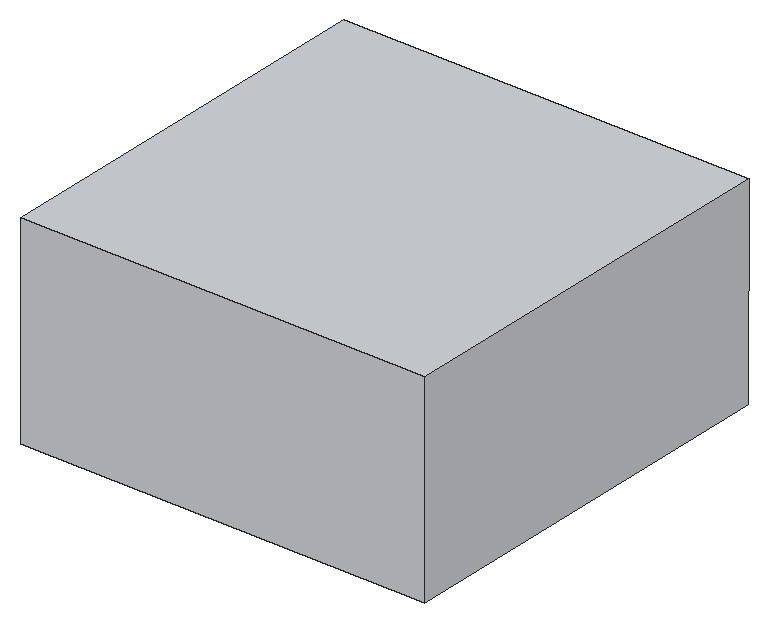
Revit family "Junction Box", category Electrical Fixtures, host Face, Revit 2025
Family settings
  Host = Face
  Round Connector Dimension = Use Diameter
  Part Type = Junction Box
  Cut with Voids When Loaded = No
  Maintain Annotation Orientation = No
  Shared = No
  Room Calculation Point = No
Parameters
  Width = 3"
  Height = 3"
  Depth - Top = Depth * 2 / 3  # 1"
  Depth - Back = Depth * 1 / 3  # 1/2"
  Depth = 1 1/2"
  Default Elevation = 48"
Reference planes (in)
  plane 1 "Center (Front/Back)": y = 0
  plane 2: z = 0
  plane 3 "Center (Left/Right)": x = 0
  plane 4: z = 1
  plane 5 "base": z = -0.5
Forms (in)
  Extrusion 1, solid
    sketch origin (0, 0, -0.5) x (-1, 0, 0) y (0, -1, 0)
      loop
        line (1.5, -1.5) -> (1.5, 1.5) -> (-1.5, 1.5) -> (-1.5, -1.5) -> (1.5, -1.5)
    from 0 to 1.5
Dimensions and locks (in)
  equal spacing: Extrusion 1 sketch curve, plane 3 "Center (Left/Right)", Extrusion 1 sketch curve
  "Width": Extrusion 1 sketch curve to Extrusion 1 sketch curve
  "Height": Extrusion 1 sketch curve to Extrusion 1 sketch curve
  equal spacing: Extrusion 1 sketch curve, plane 1 "Center (Front/Back)", Extrusion 1 sketch curve
  "Depth - Back": plane 2 to plane 5 "base"
  "Depth - Top": plane 4 to plane 2
  aligned and locked: plane 2 to host face
  aligned and locked: level to host face
  aligned and locked: plane 4 to Extrusion 1
Automatic sketch dimensions
  host sketch curve to host sketch curve = 96"  (x2)
Nested families (in)
  nested 1: "Annotation" at (0, 0, 0), type "Standard"
Connectors (in)
  electrical at (0, 0, 1)
    settings: on Extrusion 1, index 1, voltage 0 V, apparent load 0 VA, apparent load phase1 0 VA, apparent load phase2 0 VA, apparent load phase3 0 VA, power factor 1, load classification "Other", number of poles 1, system type 31, power factor state 1, is connector primary yes, connector utility no, sub classification motor no, connector description ""
Definition of nested family "Annotation"
  Reference planes (in)
    plane 1: y = 0
    plane 2: x = 0
  Lines and regions (in)
    detail lines
      curve 1: circle (0, 0, 0) r 0.125 normal (0, 0, 1)
  Text (in)
    text "J" at (-0.04715, 0.09824, 0)
